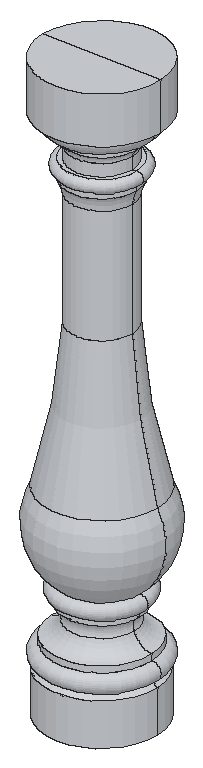
Revit family
Parameters (values of type "Balustrade G25")
  Width = 0' - 5"
  URL = "www.strombergarchitectural.com"
  Top Material = none
  Submittal Sheet = "www.strombergarchitectural.com/images/materials/gfrc/submittal/gfrc-submittal-sheet.pdf"
  Specifications = "www.strombergarchitectural.com/gfrcspecifications"
  Model Cut-sheet = "http://www.strombergarchitectural.com/products/balustrade/design/G25"
  Model = "Balustrade G25"
  Manufacturer = "Stromberg Architectural Products"
  Guidebook = "www.strombergarchitectural.com/images/materials/gfrc/handbooks/gfrc_guidebook.pdf   \r\n(http://www.strombergarchitectural.com/images/materials/gfrc/handbooks/gfrc_guidebook.pdf"
  Description = "GFRC Baluster"
  Assembly Code = ""
  Height = 2' - 1"
  XXX.5 = no
  XXX.4 = no
  XXX.3 = no
  XXX.2 = no
  XXX.1 = yes
Reference planes (in)
  plane 1 "Center (Front/Back)": y = 3.74847
  plane 2: z = 0
  plane 3 "Center (Left/Right)": x = 0.7278
  plane 4 "Front": y = -3.25153
  plane 5 "Back": y = 10.74847
  plane 6 "Left": x = -17.2722
  plane 7 "Right": x = 18.7278
Forms (in)
  Revolve 1, solid
    sketch origin (0, 3.74847, 0) x (1, 0, 0) y (0, 0, 1)
      loop
        line (0.7278, 25) -> (-1.7722, 25) -> (-1.7722, 23) -> (-1.5222, 23)
        arc (-1.5222, 23) -> (-1.30253, 22.46967) -> (-0.7722, 22.25) r 0.75
        line (-0.7722, 22.25) -> (-0.7722, 22)
        arc (-0.7722, 22) -> (-0.64156, 21.86588) -> (-0.5847, 21.6875) r 0.40745
        line (-0.5847, 21.6875) -> (-0.5847, 21.1875) -> (-0.7722, 21.1875)
        arc (-0.7722, 21.1875) -> (-1.0222, 20.9375) -> (-0.7722, 20.6875) r 0.25
        line (-0.7722, 20.6875) -> (-0.7722, 20.4375)
        arc (-0.7722, 20.4375) -> (-0.64079, 20.1688) -> (-0.5847, 19.875) r 1.12673
        line (-0.5847, 19.875) -> (-0.5847, 14.9375)
        arc (-0.5847, 14.9375) -> (-0.92783, 11.77535) -> (-1.6516, 8.67808) r 26.2005
        arc (-1.6516, 8.67808) -> (-1.93451, 6.76138) -> (-0.8972, 5.125) r 2.78128
        arc (-0.8972, 5.125) -> (-1.2097, 4.8125) -> (-0.8972, 4.5) r 0.3125
        line (-0.8972, 4.5) -> (-0.8972, 4.25)
        arc (-0.8972, 4.25) -> (-0.64437, 3.98863) -> (-0.6472, 3.625) r 0.48025
        arc (-0.6472, 3.625) -> (-0.9312, 3.2033) -> (-1.3972, 3) r 0.90922
        line (-1.3972, 3) -> (-1.3972, 2.75)
        arc (-1.3972, 2.75) -> (-1.7722, 2.375) -> (-1.3972, 2) r 0.375
        line (-1.3972, 2) -> (-1.6472, 1.8125) -> (-1.6472, 0) -> (0.7278, 0) -> (0.7278, 25)
      axis (0.7278, 25) -> (0.7278, 0)
    angle from 0 to 360
Dimensions and locks (in)
  aligned and locked: level to plane 2
